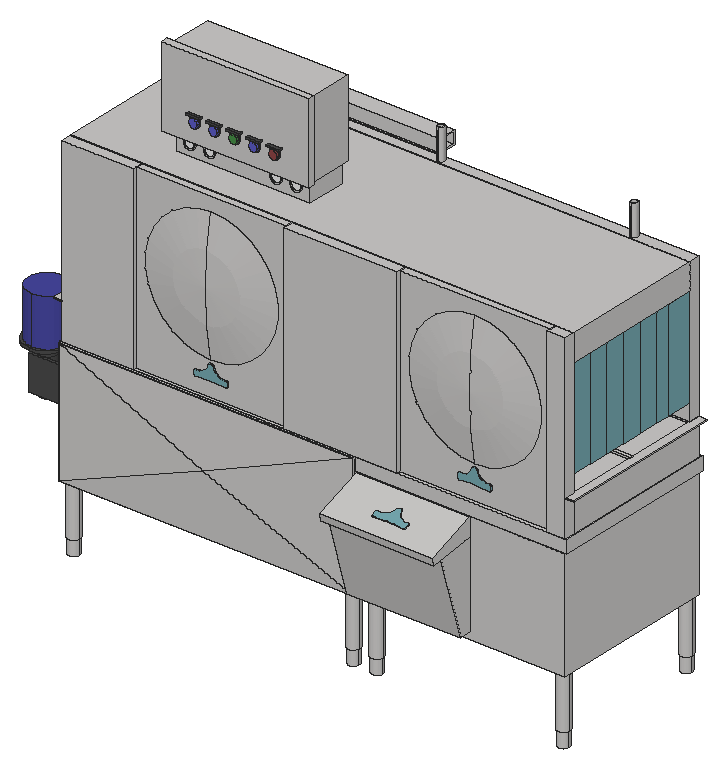
Revit family (continued)
Dimensions and locks (in)
  locked: Extrusion 31 sketch curve to plane 9 "Top of Machine" at 5.875
  locked: Extrusion 32 sketch curve to plane 9 "Top of Machine" at 5.875
  locked: Extrusion 33 sketch curve to plane 9 "Top of Machine" at 5.875
  locked: Extrusion 34 sketch curve to plane 10 "Panel Top" at 4.12493
  locked: plane 34 to plane 35 at 24.875
  locked: plane 35 to plane 6 "FRONT" at 0.0625
  plane 36 "Top of Vents" to plane 9 "Top of Machine" = 0' - 4"
  locked: Extrusion 35 sketch curve to plane 3 "BACK" at 0.75
  locked: plane 37 to plane 18 "Door Center" at 14.5
  locked: plane 37 to plane 38 at 29
  locked: plane 40 to plane 9 "Top of Machine" at 2
  locked: plane 39 to plane 3 "BACK" at 3
  Extrusion 38 sketch curve to plane 9 "Top of Machine" = 1' - 1"
  locked: plane 26 to Extrusion 38 sketch curve at 1
  locked: plane 41 to plane 3 "BACK" at 5
  locked: plane 42 to plane 9 "Top of Machine" at 29
  locked: plane 43 to plane 45 at 0.125
  locked: plane 46 to plane 44 at 3.875
  locked: plane 47 to level at 13.625
  locked: Extrusion 28 sketch curve to plane 18 "Door Center" at 1
  locked: plane 18 "Door Center" to Extrusion 33 sketch curve at 0.75
  locked: plane 18 "Door Center" to Extrusion 52 sketch curve at 6
  locked: plane 18 "Door Center" to Extrusion 29 sketch curve at 3
  locked: Extrusion 28 to Extrusion 30 sketch curve at 1
  locked: Extrusion 31 sketch curve to plane 18 "Door Center" at 3
  locked: Extrusion 32 sketch curve to plane 18 "Door Center" at 6
  locked: plane 48 to level at 8.5
  locked: plane 6 "FRONT" to plane 50 at 7
  locked: plane 53 to plane 51 at 0.125
  locked: plane 52 to plane 54 at 3.875
  "Width": plane 2 "LEFT" to plane 58 "RIGHT"
  plane 2 "LEFT" to Extrusion 39 sketch curve = 2' - 4"
  Extrusion 53 sketch curve to plane 58 "RIGHT" = 3' - 2"
  plane 2 "LEFT" to Extrusion 35 sketch curve = 0' - 9"
  Extrusion 54 sketch curve to plane 58 "RIGHT" = 0' - 9"
  locked: plane 61 to plane 58 "RIGHT" at 0.25
  locked: plane 58 "RIGHT" to plane 63 at 1.25
  "Single Door Opening": plane 55 to plane 56
  locked: plane 58 "RIGHT" to plane 62 at 0.25
  locked: plane 56 to plane 58 "RIGHT" at 2.6875
  locked: plane 15 "Right of Bottom" to plane 57 at 17
  locked: plane 3 "BACK" to plane 49 "Drain" at 3
  Extrusion 55 sketch curve to plane 58 "RIGHT" = 2' - 4 3/8"
  locked: plane 43 to plane 2 "LEFT" at 10
  locked: plane 45 to plane 46 at 2.9375
  locked: plane 54 to plane 53 at 2.9375
  locked: plane 58 "RIGHT" to plane 51 at 10
  equal spacing: plane 19, plane 18 "Door Center", plane 20
  locked: plane 57 to plane 58 "RIGHT" at 14.25
  locked: plane 19 to plane 66 at 0.25
  locked: plane 64 to plane 20 at 0.25
  locked: plane 55 to plane 67 at 0.25
  locked: plane 65 to plane 56 at 0.25
  locked: plane 69 to plane 18 "Door Center" at 0.0625
  locked: plane 18 "Door Center" to plane 70 at 0.0625
  locked: plane 68 to plane 18 "Door Center" at 1.4375
  locked: plane 18 "Door Center" to plane 71 at 1.4375
  locked: plane 55 to plane 72 at 1.4375
  aligned and locked: level to plane 1
  aligned and locked: Extrusion 1 sketch curve to plane 13
  aligned and locked: Extrusion 1 sketch curve to plane 14
  aligned and locked: plane 15 "Right of Bottom" to Extrusion 1 sketch curve
  aligned and locked: Extrusion 1 to plane 7 "Bottom of Machine"
  aligned and locked: plane 11 to Extrusion 1
  aligned and locked: plane 2 "LEFT" to Extrusion 2 sketch curve
  aligned and locked: Extrusion 2 sketch curve to plane 5 "Right of 44 Top"
  aligned and locked: plane 6 "FRONT" to Extrusion 2 sketch curve
  aligned and locked: plane 3 "BACK" to Extrusion 2 sketch curve
  aligned and locked: plane 10 "Panel Top" to Extrusion 2
  aligned and locked: Extrusion 2 to plane 11
  aligned and locked: plane 3 "BACK" to Extrusion 3 sketch curve
  aligned and locked: Extrusion 3 sketch curve to plane 17
  aligned and locked: Extrusion 3 to plane 10 "Panel Top"
  aligned and locked: plane 3 "BACK" to Extrusion 4 sketch curve
  aligned and locked: plane 16 to Extrusion 4 sketch curve
  aligned and locked: Extrusion 5 sketch curve to plane 17
  aligned and locked: Extrusion 5 sketch curve to plane 16
  aligned and locked: plane 3 "BACK" to Extrusion 6 sketch curve
  aligned and locked: plane 16 to Extrusion 6 sketch curve
  aligned: Extrusion 6 to plane 8 "Table Height"
  aligned: Extrusion 5 to plane 21 "Top of Opening"
  aligned and locked: Extrusion 7 sketch curve to plane 19
  aligned and locked: plane 10 "Panel Top" to Extrusion 7 sketch curve
  aligned and locked: Extrusion 7 to plane 17
  aligned and locked: Extrusion 7 sketch curve to plane 9 "Top of Machine"
  aligned and locked: plane 2 "LEFT" to Blend 8 sketch curve
  aligned and locked: plane 7 "Bottom of Machine" to Blend 8 sketch curve
  aligned and locked: Blend 8 sketch curve to plane 10 "Panel Top"
  aligned and locked: Blend 8 sketch curve to plane 5 "Right of 44 Top"
  aligned and locked: plane 6 "FRONT" to Extrusion 1 sketch curve
  aligned and locked: plane 2 "LEFT" to Extrusion 9 sketch curve
  aligned and locked: Extrusion 9 sketch curve to plane 6 "FRONT"
  aligned and locked: plane 12 to Extrusion 9 sketch curve
  aligned and locked: Extrusion 9 sketch curve to plane 5 "Right of 44 Top"
  aligned and locked: Extrusion 9 to plane 7 "Bottom of Machine"
  aligned and locked: plane 10 "Panel Top" to Extrusion 9
  aligned and locked: plane 20 to Extrusion 10 sketch curve
  aligned and locked: Extrusion 10 sketch curve to plane 9 "Top of Machine"
  aligned and locked: plane 10 "Panel Top" to Extrusion 10 sketch curve
  aligned and locked: Extrusion 10 to plane 17
  aligned and locked: Extrusion 11 sketch curve to plane 20
  aligned and locked: plane 17 to Extrusion 11 sketch curve
  aligned and locked: plane 19 to Extrusion 11 sketch curve
  aligned and locked: Extrusion 11 to plane 10 "Panel Top"
  aligned and locked: plane 22 to Extrusion 13
  aligned and locked: Extrusion 14 to plane 22
  aligned and locked: plane 7 "Bottom of Machine" to Extrusion 14
  aligned and locked: Extrusion 21 sketch curve to plane 28
  aligned and locked: plane 27 "Front of Lower Panel" to Extrusion 21 sketch curve
  aligned and locked: plane 23 to Extrusion 21 sketch curve
  aligned and locked: plane 24 to Extrusion 21 sketch curve
  aligned and locked: Extrusion 22 sketch curve to plane 30 "Back of Panel"
  aligned and locked: plane 29 to Extrusion 22 sketch curve
  aligned and locked: plane 32 to Extrusion 22 sketch curve
  aligned and locked: Extrusion 22 sketch curve to plane 33
  aligned and locked: Extrusion 23 sketch curve to plane 29
  aligned and locked: plane 31 "Front of Upper Panel" to Extrusion 23 sketch curve
  aligned and locked: plane 25 to Extrusion 23 sketch curve
  aligned and locked: Extrusion 23 sketch curve to plane 26
  aligned and locked: Extrusion 25 sketch curve to Extrusion 24  (x2)
  aligned and locked: Extrusion 27 sketch curve to Extrusion 26  (x2)
  aligned and locked: Extrusion 36 to plane 37
  aligned and locked: Extrusion 36 to plane 38
  aligned and locked: Extrusion 37 to plane 38
  aligned and locked: Extrusion 37 to plane 37
  aligned and locked: plane 3 "BACK" to curve 1
  aligned and locked: plane 6 "FRONT" to curve 2
  aligned and locked: plane 37 to curve 3
  aligned and locked: plane 38 to curve 5
  aligned and locked: curve 4 to plane 39
  aligned and locked: curve 6 to plane 30 "Back of Panel"
  aligned and locked: plane 29 to curve 8
  aligned and locked: plane 32 to curve 7
  aligned and locked: curve 9 to plane 33
  aligned and locked: plane 25 to curve 13
  aligned and locked: plane 31 "Front of Upper Panel" to curve 12
  aligned and locked: curve 11 to plane 26
  aligned and locked: curve 15 to plane 34
  aligned and locked: Extrusion 40 sketch curve to plane 13  (x2)
  aligned and locked: plane 41 to Extrusion 40 sketch curve
  aligned and locked: plane 38 to Extrusion 40 sketch curve
  aligned and locked: Extrusion 40 sketch curve to plane 39
  aligned and locked: plane 37 to Extrusion 40 sketch curve
  aligned: plane 36 "Top of Vents" to Extrusion 40
  aligned and locked: plane 4 "TOP" to Extrusion 40
  aligned and locked: plane 9 "Top of Machine" to Extrusion 41 sketch curve
  aligned and locked: Extrusion 41 sketch curve to plane 20
  aligned and locked: plane 19 to Extrusion 41 sketch curve
  aligned and locked: Extrusion 41 sketch curve to plane 42
  aligned and locked: Extrusion 41 to plane 17
  aligned and locked: curve 17 to plane 41
  aligned and locked: Extrusion 43 sketch curve to Extrusion 42  (x2)
  aligned and locked: Extrusion 45 sketch curve to Extrusion 44  (x2)
  aligned and locked: Extrusion 46 to plane 45
  aligned and locked: plane 45 to Extrusion 47
  aligned and locked: plane 46 to Extrusion 48 sketch curve
  aligned and locked: Extrusion 48 sketch curve to plane 44
  aligned and locked: curve 18 to plane 43
  aligned and locked: plane 46 to curve 20
  aligned and locked: plane 43 to Extrusion 49 sketch curve
  aligned and locked: plane 43 to curve 23
  aligned and locked: plane 6 "FRONT" to Extrusion 50 sketch curve
  aligned and locked: Extrusion 50 sketch curve to plane 13
  aligned: plane 10 "Panel Top" to Extrusion 50
  aligned and locked: Extrusion 56 sketch curve to Extrusion 55  (x2)
  aligned and locked: Extrusion 57 sketch curve to Extrusion 39  (x2)
  aligned and locked: Extrusion 59 to plane 53
  aligned and locked: plane 53 to Extrusion 58
  aligned and locked: Extrusion 60 sketch curve to plane 52
  aligned and locked: plane 54 to Extrusion 60 sketch curve
  aligned and locked: plane 52 to nested 2
  aligned and locked: plane 54 to nested 2
  aligned and locked: curve 28 to plane 51
  aligned and locked: curve 32 to plane 54
  aligned and locked: Extrusion 61 sketch curve to plane 51
  aligned and locked: curve 33 to plane 51
  aligned and locked: Extrusion 65 sketch curve to Extrusion 63
  aligned and locked: Blend 66 sketch curve to Extrusion 65  (x2)
  aligned and locked: Extrusion 75 sketch curve to Extrusion 73  (x2)
  aligned and locked: plane 2 "LEFT" to Extrusion 4 sketch curve  (x2)
  aligned and locked: plane 2 "LEFT" to Extrusion 3 sketch curve
  aligned and locked: Extrusion 85 sketch curve to plane 60
  aligned and locked: plane 2 "LEFT" to Extrusion 7 sketch curve
  aligned and locked: plane 55 to Extrusion 10 sketch curve
  aligned and locked: plane 62 to Extrusion 50 sketch curve
  aligned and locked: Extrusion 4 sketch curve to plane 58 "RIGHT"  (x2)
  aligned and locked: Extrusion 3 sketch curve to plane 58 "RIGHT"
  aligned and locked: Extrusion 6 sketch curve to plane 58 "RIGHT"
  aligned and locked: Extrusion 5 sketch curve to plane 58 "RIGHT"
  aligned and locked: Extrusion 83 to plane 57
  aligned and locked: Extrusion 82 to plane 57
  aligned and locked: plane 58 "RIGHT" to Extrusion 81 sketch curve
  aligned and locked: Extrusion 81 sketch curve to plane 7 "Bottom of Machine"
  aligned and locked: plane 17 to Extrusion 104 sketch curve
  aligned and locked: plane 6 "FRONT" to Extrusion 104 sketch curve
  aligned and locked: plane 66 to Extrusion 104 sketch curve
  aligned and locked: Extrusion 104 sketch curve to plane 69
  aligned and locked: plane 17 to Extrusion 105 sketch curve
  aligned and locked: plane 6 "FRONT" to Extrusion 105 sketch curve
  aligned and locked: plane 70 to Extrusion 105 sketch curve
  aligned and locked: Extrusion 105 sketch curve to plane 64
  aligned and locked: Extrusion 104 to plane 10 "Panel Top"
  aligned and locked: Extrusion 105 to plane 10 "Panel Top"
  aligned and locked: curve 56 to plane 19
  aligned and locked: curve 58 to plane 20
  aligned and locked: plane 67 to Extrusion 112
  aligned and locked: plane 67 to curve 63
  aligned and locked: plane 56 to curve 64
Automatic sketch dimensions
  Extrusion 83 sketch curve to Extrusion 83 sketch curve = 0' - 2 11/16"
  Extrusion 83 sketch curve to Extrusion 83 sketch curve = 0' - 1.04649"
  Extrusion 90 sketch curve to Extrusion 90 sketch curve = 0' - 1.63184"  (x2)
  Extrusion 90 sketch curve to Extrusion 90 sketch curve = 0' - 1.52338"
  Extrusion 90 sketch curve to Extrusion 90 sketch curve = 0' - 0.41934"
  Extrusion 90 sketch curve to Extrusion 90 sketch curve = 0' - 0.42496"
  Extrusion 90 sketch curve to Extrusion 90 sketch curve = 0' - 0"  (x2)
  Extrusion 90 sketch curve to Extrusion 90 sketch curve = 0' - 1.22253"
  Extrusion 90 sketch curve to Extrusion 90 sketch curve = 0' - 1.51845"
  Extrusion 90 sketch curve to Extrusion 90 sketch curve = 0' - 0.00341"
  Extrusion 90 sketch curve to Extrusion 90 sketch curve = 0' - 0.25142"  (x2)
  Extrusion 90 sketch curve to Extrusion 90 sketch curve = 0' - 0.34808"
  Extrusion 90 sketch curve to Extrusion 90 sketch curve = 0' - 0.48493"  (x2)
  Extrusion 90 sketch curve to Extrusion 90 sketch curve = 0' - 0.08323"
  Extrusion 90 sketch curve to Extrusion 90 sketch curve = 0' - 11.98442"
  Extrusion 82 sketch curve to Extrusion 82 sketch curve = 0' - 3.69119"
  Extrusion 82 sketch curve to Extrusion 82 sketch curve = 0' - 5.50369"
  Extrusion 82 sketch curve to Extrusion 82 sketch curve = 0' - 0.73915"
  Extrusion 82 sketch curve to Extrusion 82 sketch curve = 1' - 0 13/16"
  Extrusion 83 sketch curve to Extrusion 83 sketch curve = 0' - 0.24812"
  Extrusion 83 sketch curve to Extrusion 83 sketch curve = 0' - 6.75188"
  Extrusion 83 sketch curve to Extrusion 83 sketch curve = 0' - 0.13971"
  Extrusion 90 sketch curve to Extrusion 90 sketch curve = 0' - 0.25483"
  Extrusion 90 sketch curve to Extrusion 90 sketch curve = 0' - 0.30345"
  Extrusion 90 sketch curve to Extrusion 90 sketch curve = 0' - 0.61126"
  Extrusion 102 sketch curve to Extrusion 102 sketch curve = 0' - 2 11/16"
  Extrusion 102 sketch curve to Extrusion 102 sketch curve = 0' - 1.04649"
  Extrusion 103 sketch curve to Extrusion 103 sketch curve = 0' - 1.63184"  (x2)
  Extrusion 103 sketch curve to Extrusion 103 sketch curve = 0' - 1.52338"
  Extrusion 103 sketch curve to Extrusion 103 sketch curve = 0' - 0.41934"
  Extrusion 103 sketch curve to Extrusion 103 sketch curve = 0' - 0.42496"
  Extrusion 103 sketch curve to Extrusion 103 sketch curve = 0' - 0"  (x2)
  Extrusion 103 sketch curve to Extrusion 103 sketch curve = 0' - 1.22253"
  Extrusion 103 sketch curve to Extrusion 103 sketch curve = 0' - 1.51845"
  Extrusion 103 sketch curve to Extrusion 103 sketch curve = 0' - 0.00341"
  Extrusion 103 sketch curve to Extrusion 103 sketch curve = 0' - 0.25142"  (x2)
  Extrusion 103 sketch curve to Extrusion 103 sketch curve = 0' - 0.34808"
  Extrusion 103 sketch curve to Extrusion 103 sketch curve = 0' - 0.48493"  (x2)
  Extrusion 103 sketch curve to Extrusion 103 sketch curve = 0' - 0.08323"
  Extrusion 103 sketch curve to Extrusion 103 sketch curve = 0' - 11.98442"
  Extrusion 101 sketch curve to Extrusion 101 sketch curve = 0' - 3.69119"
  Extrusion 101 sketch curve to Extrusion 101 sketch curve = 0' - 5.50369"
  Extrusion 101 sketch curve to Extrusion 101 sketch curve = 0' - 0.73915"
  Extrusion 101 sketch curve to Extrusion 101 sketch curve = 1' - 0 13/16"
  Extrusion 102 sketch curve to Extrusion 102 sketch curve = 0' - 0.24812"
  Extrusion 102 sketch curve to Extrusion 102 sketch curve = 0' - 6.75188"
  Extrusion 102 sketch curve to Extrusion 102 sketch curve = 0' - 0.13971"
  Extrusion 103 sketch curve to Extrusion 103 sketch curve = 0' - 0.25483"
  Extrusion 103 sketch curve to Extrusion 103 sketch curve = 0' - 0.30345"
  Extrusion 103 sketch curve to Extrusion 103 sketch curve = 0' - 0.61126"
  curve 24 to plane 60 = 0' - 0"
  curve 35 to plane 6 "FRONT" = 0' - 0"
  curve 35 to plane 60 = 0' - 0"
  curve 47 to plane 19 = 0' - 0"
  plane 17 to curve 46 = 0' - 0"
  curve 46 to plane 20 = 0' - 0"
  plane 17 to curve 38 = 0' - 0"
  curve 38 to plane 55 = 0' - 0"
  curve 41 to plane 15 "Right of Bottom" = 0' - 0"
  curve 43 to plane 50 = 0' - 0"
  curve 43 to plane 57 = 0' - 0"
  curve 39 to plane 56 = 0' - 0"
  curve 34 to plane 63 = 0' - 0"
  curve 36 to plane 6 "FRONT" = 0' - 0"
  curve 36 to plane 63 = 0' - 0"
  curve 46 to plane 6 "FRONT" = 0' - 0"
  curve 44 to plane 6 "FRONT" = 0' - 0"
  curve 43 to plane 6 "FRONT" = 0' - 0"
  curve 37 to plane 6 "FRONT" = 0' - 0"
  curve 39 to plane 6 "FRONT" = 0' - 0"
  curve 41 to plane 6 "FRONT" = 0' - 0"
  plane 3 "BACK" to curve 35 = 0' - 0"
  plane 3 "BACK" to curve 36 = 0' - 0"
  curve 23 to plane 13 = 0' - 0"
  curve 33 to plane 13 = 0' - 0"
  plane 71 to curve 17 = 0' - 0 5/16"
  plane 35 to curve 47 = 0' - 0 7/16"
  plane 35 to curve 40 = 0' - 0 7/16"
  Extrusion 4 sketch curve to plane 58 "RIGHT" = 0' - 0"
  plane 28 to Extrusion 4 sketch curve = 0' - 0 1/4"
  Extrusion 4 sketch curve to plane 28 = 0' - 0 1/4"
  Extrusion 5 sketch curve to plane 2 "LEFT" = 0' - 0"
  Extrusion 6 sketch curve to plane 2 "LEFT" = 0' - 0"
  plane 47 to Blend 8 sketch curve = 0' - 5 19/32"
  Blend 8 sketch curve to Blend 8 sketch curve = 0' - 0 1/16"
  Revolve 12 sketch curve to plane 12 = 0' - 0"
  Revolve 12 sketch curve to plane 50 = 0' - 4 1/4"
  plane 35 to Revolve 12 sketch curve = 0' - 0 7/16"
  plane 27 "Front of Lower Panel" to Revolve 12 sketch curve = 0' - 2 3/4"
  Revolve 12 sketch curve to plane 21 "Top of Opening" = 0' - 7.74993"
  plane 41 to Revolve 12 sketch curve = 1' - 5.49935"
  Revolve 12 sketch curve to plane 21 "Top of Opening" = 0' - 8"  (x2)
  Extrusion 24 sketch curve to Extrusion 24 sketch curve = 0' - 0"  (x2)
  Extrusion 26 sketch curve to Extrusion 26 sketch curve = 0' - 0"  (x2)
  plane 71 to Extrusion 28 sketch curve = 0' - 0 9/16"
  Extrusion 28 sketch curve to Extrusion 28 sketch curve = 0' - 2"  (x4)
  Extrusion 28 sketch curve to Extrusion 28 sketch curve = 0' - 1"  (x2)
  plane 68 to Extrusion 28 sketch curve = 0' - 0 7/16"
  Extrusion 28 sketch curve to plane 68 = 0' - 0 9/16"
  plane 36 "Top of Vents" to Extrusion 28 sketch curve = 0' - 2 3/4"  (x3)
  Extrusion 28 sketch curve to Extrusion 28 sketch curve = 0' - 0"  (x2)
  Extrusion 28 sketch curve to Extrusion 28 sketch curve = 0' - 0 1/4"  (x5)
  Extrusion 33 sketch curve to plane 18 "Door Center" = 0' - 0"
  plane 71 to Extrusion 33 sketch curve = 0' - 0 13/16"
  Extrusion 33 sketch curve to Extrusion 33 sketch curve = 0' - 0 3/4"  (x4)
  Extrusion 33 sketch curve to Extrusion 33 sketch curve = 0' - 1 1/2"  (x2)
  Extrusion 33 sketch curve to plane 68 = 0' - 0 13/16"
  Extrusion 33 sketch curve to Extrusion 33 sketch curve = 0' - 0"
  plane 36 "Top of Vents" to Extrusion 33 sketch curve = 0' - 1 7/8"  (x3)
  Extrusion 33 sketch curve to Extrusion 33 sketch curve = 0' - 0 7/8"  (x5)
  Extrusion 34 sketch curve to plane 18 "Door Center" = 0' - 0"
  plane 18 "Door Center" to Extrusion 34 sketch curve = 0' - 0.00035"
  plane 70 to Extrusion 34 sketch curve = 0' - 0.35719"
  plane 70 to Extrusion 34 sketch curve = 0' - 0.54876"
  plane 71 to Extrusion 34 sketch curve = 0' - 0.50556"
  plane 71 to Extrusion 34 sketch curve = 0' - 0.8056"
  Extrusion 34 sketch curve to Extrusion 34 sketch curve = 0' - 0.00341"  (x2)
  Extrusion 34 sketch curve to Extrusion 34 sketch curve = 0' - 0.25142"  (x2)
  Extrusion 34 sketch curve to plane 18 "Door Center" = 0' - 0.42461"
  Extrusion 34 sketch curve to Extrusion 34 sketch curve = 0' - 0"
  Extrusion 34 sketch curve to plane 69 = 0' - 0.54876"
  Extrusion 34 sketch curve to plane 68 = 0' - 0.50556"
  Extrusion 34 sketch curve to plane 68 = 0' - 0.8056"
  Extrusion 34 sketch curve to plane 8 "Table Height" = 0' - 2.43574"  (x2)
  Extrusion 34 sketch curve to Extrusion 34 sketch curve = 0' - 0.48493"  (x2)
  Extrusion 34 sketch curve to Extrusion 34 sketch curve = 0' - 0.08323"
  plane 47 to Extrusion 34 sketch curve = 0' - 5.0469"
  Extrusion 35 sketch curve to Extrusion 35 sketch curve = 0' - 0"  (x2)
  Extrusion 36 sketch curve to plane 40 = 0' - 0"
  Extrusion 36 sketch curve to plane 9 "Top of Machine" = 0' - 0"
  Extrusion 36 sketch curve to plane 39 = 0' - 0"
  Extrusion 36 sketch curve to plane 39 = 0' - 0 1/8"
  Extrusion 36 sketch curve to plane 13 = 0' - 0 1/8"
  Extrusion 36 sketch curve to Extrusion 36 sketch curve = 0' - 0 1/8"
  plane 9 "Top of Machine" to Extrusion 36 sketch curve = 0' - 0 1/8"
  Extrusion 36 sketch curve to plane 40 = 0' - 0 1/8"
  Extrusion 37 sketch curve to plane 3 "BACK" = 0' - 0"
  Extrusion 37 sketch curve to plane 9 "Top of Machine" = 0' - 0"
  Extrusion 37 sketch curve to plane 3 "BACK" = 0' - 0 1/4"
  Extrusion 37 sketch curve to Extrusion 37 sketch curve = 0' - 0 1/8"
  Extrusion 39 sketch curve to Extrusion 39 sketch curve = 0' - 0"  (x2)
  Extrusion 39 sketch curve to plane 49 "Drain" = 0' - 0"
  curve 26 to plane 6 "FRONT" = 0' - 0"
  curve 29 to plane 6 "FRONT" = 0' - 0"
  curve 31 to plane 35 = 0' - 0"
  curve 21 to plane 35 = 0' - 0"
  curve 20 to plane 34 = 0' - 0"
  plane 3 "BACK" to curve 25 = 0' - 0"
  plane 3 "BACK" to curve 27 = 0' - 0"
  curve 31 to plane 52 = 0' - 0"
  curve 2 to plane 63 = 0' - 0"
  curve 1 to plane 63 = 0' - 0"
  curve 27 to plane 58 "RIGHT" = 0' - 0"
  curve 29 to plane 58 "RIGHT" = 0' - 0"
  curve 19 to plane 2 "LEFT" = 0' - 0"
  curve 26 to plane 2 "LEFT" = 0' - 0"
  curve 25 to plane 2 "LEFT" = 0' - 0"
  curve 2 to plane 60 = 0' - 0"
  curve 1 to plane 60 = 0' - 0"
  Extrusion 40 sketch curve to plane 60 = 0' - 0"
  Extrusion 40 sketch curve to plane 63 = 0' - 0"
  Extrusion 42 sketch curve to Extrusion 42 sketch curve = 0' - 0"  (x2)
  Extrusion 42 sketch curve to plane 40 = 0' - 0 1/4"
  Extrusion 42 sketch curve to plane 68 = 0' - 3 9/16"
  Extrusion 44 sketch curve to Extrusion 44 sketch curve = 0' - 0"  (x2)
  plane 40 to Extrusion 44 sketch curve = 0' - 0 1/4"
  Extrusion 44 sketch curve to plane 71 = 0' - 3 9/16"
  Extrusion 46 sketch curve to plane 6 "FRONT" = 0' - 0"
  Extrusion 46 sketch curve to plane 17 = 0' - 0"
  Extrusion 46 sketch curve to plane 16 = 0' - 0"
  Extrusion 46 sketch curve to plane 3 "BACK" = 0' - 0"
  Extrusion 46 sketch curve to plane 9 "Top of Machine" = 0' - 0"
  plane 35 to Extrusion 46 sketch curve = 0' - 0 1/16"
  Extrusion 46 sketch curve to plane 34 = 0' - 0 1/16"
  Extrusion 46 sketch curve to plane 9 "Top of Machine" = 0' - 0 1/8"
  Extrusion 46 sketch curve to plane 21 "Top of Opening" = 0' - 0.88572"
  Extrusion 46 sketch curve to Extrusion 46 sketch curve = 0' - 0.05178"  (x2)
  Extrusion 46 sketch curve to Extrusion 46 sketch curve = 0' - 1 1/2"  (x2)
  Extrusion 46 sketch curve to Extrusion 46 sketch curve = 0' - 0.17678"  (x2)
  plane 8 "Table Height" to Extrusion 46 sketch curve = 0' - 5.17678"
  Extrusion 47 sketch curve to plane 6 "FRONT" = 0' - 0"
  Extrusion 47 sketch curve to plane 17 = 0' - 0"
  Extrusion 47 sketch curve to plane 16 = 0' - 0"
  Extrusion 47 sketch curve to plane 3 "BACK" = 0' - 0"
  Extrusion 47 sketch curve to plane 21 "Top of Opening" = 0' - 0"
  Extrusion 47 sketch curve to plane 9 "Top of Machine" = 0' - 0"
  Extrusion 47 sketch curve to plane 21 "Top of Opening" = 0' - 0 15/16"
  Extrusion 47 sketch curve to Extrusion 47 sketch curve = 0' - 1 5/8"  (x2)
  plane 8 "Table Height" to Extrusion 47 sketch curve = 0' - 5 1/8"
  Extrusion 48 sketch curve to plane 35 = 0' - 0"
  Extrusion 48 sketch curve to plane 34 = 0' - 0"
  plane 35 to Extrusion 48 sketch curve = 0' - 0 1/8"
  Extrusion 48 sketch curve to plane 34 = 0' - 0 1/8"
  Extrusion 48 sketch curve to plane 44 = 0' - 0 1/8"
  plane 46 to Extrusion 48 sketch curve = 0' - 0 1/8"
  Extrusion 49 sketch curve to plane 13 = 0' - 0"
  Extrusion 49 sketch curve to plane 60 = 0' - 0"
  Extrusion 49 sketch curve to plane 41 = 0' - 0"
  Extrusion 50 sketch curve to plane 14 = 0' - 0"
  Extrusion 51 sketch curve to plane 2 "LEFT" = 0' - 0"  (x7)
  plane 17 to Extrusion 51 sketch curve = 0' - 0"
  Extrusion 51 sketch curve to plane 16 = 0' - 0"
  plane 31 "Front of Upper Panel" to Extrusion 51 sketch curve = 0' - 0 3/8"
  Extrusion 51 sketch curve to Extrusion 51 sketch curve = 0' - 0 1/8"  (x7)
  Extrusion 51 sketch curve to plane 27 "Front of Lower Panel" = 0' - 1 1/4"
  plane 28 to Extrusion 51 sketch curve = 0' - 1 5/8"
  Extrusion 51 sketch curve to plane 2 "LEFT" = 0' - 0 1/8"  (x6)
  Extrusion 51 sketch curve to plane 30 "Back of Panel" = 0' - 1"
  Extrusion 51 sketch curve to Extrusion 51 sketch curve = 0' - 3"
  Extrusion 51 sketch curve to Extrusion 51 sketch curve = 0' - 2"
  plane 36 "Top of Vents" to Extrusion 52 sketch curve = 0' - 1 7/8"
  Extrusion 53 sketch curve to Extrusion 53 sketch curve = 0' - 0"  (x2)
  Extrusion 53 sketch curve to plane 34 = 0' - 0 11/16"
  Extrusion 54 sketch curve to Extrusion 54 sketch curve = 0' - 0"  (x2)
  Extrusion 54 sketch curve to plane 34 = 0' - 0 11/16"
  Extrusion 55 sketch curve to Extrusion 55 sketch curve = 0' - 0"  (x2)
  Extrusion 55 sketch curve to plane 49 "Drain" = 0' - 0"
  Extrusion 58 sketch curve to plane 3 "BACK" = 0' - 0"
  Extrusion 58 sketch curve to plane 16 = 0' - 0"
  Extrusion 58 sketch curve to plane 17 = 0' - 0"
  Extrusion 58 sketch curve to plane 6 "FRONT" = 0' - 0"
  Extrusion 58 sketch curve to plane 9 "Top of Machine" = 0' - 0"
  Extrusion 58 sketch curve to plane 34 = 0' - 0 1/16"
  plane 35 to Extrusion 58 sketch curve = 0' - 0 1/16"
  Extrusion 58 sketch curve to plane 9 "Top of Machine" = 0' - 0 1/8"
  Extrusion 58 sketch curve to plane 21 "Top of Opening" = 0' - 0.88572"
  Extrusion 58 sketch curve to Extrusion 58 sketch curve = 0' - 0.05178"  (x2)
  Extrusion 58 sketch curve to Extrusion 58 sketch curve = 0' - 1 1/2"  (x2)
  Extrusion 58 sketch curve to Extrusion 58 sketch curve = 0' - 0.17678"  (x2)
  plane 8 "Table Height" to Extrusion 58 sketch curve = 0' - 5.17678"
  Extrusion 59 sketch curve to plane 6 "FRONT" = 0' - 0"
  Extrusion 59 sketch curve to plane 17 = 0' - 0"
  Extrusion 59 sketch curve to plane 16 = 0' - 0"
  Extrusion 59 sketch curve to plane 3 "BACK" = 0' - 0"
  Extrusion 59 sketch curve to plane 21 "Top of Opening" = 0' - 0"
  Extrusion 59 sketch curve to plane 9 "Top of Machine" = 0' - 0"
  Extrusion 59 sketch curve to plane 21 "Top of Opening" = 0' - 0 15/16"
  Extrusion 59 sketch curve to Extrusion 59 sketch curve = 0' - 1 5/8"  (x2)
  plane 8 "Table Height" to Extrusion 59 sketch curve = 0' - 5 1/8"
  Extrusion 60 sketch curve to plane 35 = 0' - 0"
  Extrusion 60 sketch curve to plane 34 = 0' - 0"
  Extrusion 60 sketch curve to plane 35 = 0' - 0 1/8"
  plane 34 to Extrusion 60 sketch curve = 0' - 0 1/8"
  Extrusion 60 sketch curve to plane 52 = 0' - 0 1/8"
  plane 54 to Extrusion 60 sketch curve = 0' - 0 1/8"
  Extrusion 61 sketch curve to plane 13 = 0' - 0"
  Extrusion 61 sketch curve to plane 63 = 0' - 0"
  Extrusion 61 sketch curve to plane 41 = 0' - 0"
  plane 14 to Extrusion 62 sketch curve = 0' - 0"
  Extrusion 62 sketch curve to plane 2 "LEFT" = 0' - 0"
  Extrusion 62 sketch curve to plane 11 = 0' - 0"
  Extrusion 62 sketch curve to plane 60 = 0' - 0 1/8"
  Extrusion 62 sketch curve to plane 10 "Panel Top" = 0' - 4 9/16"
  plane 7 "Bottom of Machine" to Extrusion 62 sketch curve = 0' - 0 15/16"
  Extrusion 63 sketch curve to plane 46 = 0' - 0 11/16"
  Extrusion 63 sketch curve to plane 17 = 0' - 1 5/8"
  Extrusion 63 sketch curve to plane 31 "Front of Upper Panel" = 0' - 1 1/2"
  Extrusion 63 sketch curve to plane 31 "Front of Upper Panel" = 0' - 0 3/16"
  Extrusion 63 sketch curve to plane 27 "Front of Lower Panel" = 0' - 0 1/8"
  plane 46 to Extrusion 63 sketch curve = 0' - 0 15/16"
  Extrusion 63 sketch curve to Extrusion 63 sketch curve = 0' - 0"
  Extrusion 63 sketch curve to plane 60 = 0' - 0 3/8"
  Extrusion 63 sketch curve to plane 60 = 0' - 0 1/8"
  Extrusion 64 sketch curve to plane 31 "Front of Upper Panel" = 0' - 0 3/16"
  plane 46 to Extrusion 64 sketch curve = 0' - 0 15/16"
  Blend 66 sketch curve to plane 31 "Front of Upper Panel" = 0' - 0 3/16"
  plane 46 to Blend 66 sketch curve = 0' - 0 15/16"
  Extrusion 67 sketch curve to plane 31 "Front of Upper Panel" = 0' - 0 3/16"
  plane 46 to Extrusion 67 sketch curve = 0' - 0 15/16"
  Extrusion 68 sketch curve to plane 31 "Front of Upper Panel" = 0' - 0 3/16"
  plane 46 to Extrusion 68 sketch curve = 0' - 0 15/16"
  Extrusion 69 sketch curve to plane 2 "LEFT" = 0' - 0"
  Extrusion 69 sketch curve to plane 44 = 0' - 0 15/16"
  Extrusion 69 sketch curve to Extrusion 69 sketch curve = 0' - 1 1/4"
  Extrusion 69 sketch curve to plane 8 "Table Height" = 0' - 0 13/16"
  Extrusion 69 sketch curve to Extrusion 69 sketch curve = 0' - 0 3/4"
  Extrusion 69 sketch curve to Extrusion 69 sketch curve = 0' - 1 1/2"
  Extrusion 70 sketch curve to plane 11 = 0' - 0"
  plane 14 to Extrusion 70 sketch curve = 0' - 0"
  Extrusion 70 sketch curve to plane 2 "LEFT" = 0' - 0"
  plane 44 to Extrusion 70 sketch curve = 0' - 0 9/16"
  plane 11 to Extrusion 70 sketch curve = 0' - 0 7/16"
  Extrusion 70 sketch curve to plane 48 = 0' - 0 1/16"
  Extrusion 71 sketch curve to Extrusion 71 sketch curve = 0' - 0"  (x2)
  plane 7 "Bottom of Machine" to Extrusion 71 sketch curve = 0' - 0 7/16"
  Extrusion 71 sketch curve to plane 44 = 0' - 0 15/16"
  Extrusion 71 sketch curve to plane 44 = 0' - 0 5/16"  (x2)
  plane 44 to Extrusion 71 sketch curve = 0' - 0 1/16"  (x2)
  Extrusion 71 sketch curve to Extrusion 71 sketch curve = 0' - 0 1/4"  (x2)
  plane 11 to Extrusion 71 sketch curve = 0' - 0 1/8"
  plane 44 to Extrusion 71 sketch curve = 0' - 0 5/16"
  Extrusion 71 sketch curve to plane 11 = 0' - 0 7/16"
  Extrusion 71 sketch curve to Extrusion 71 sketch curve = 0' - 0 5/16"
  Extrusion 72 sketch curve to Extrusion 72 sketch curve = 0' - 0"  (x2)
  plane 7 "Bottom of Machine" to Extrusion 72 sketch curve = 0' - 0 7/16"
  Extrusion 72 sketch curve to plane 44 = 0' - 0 15/16"
  Extrusion 72 sketch curve to plane 44 = 0' - 0 5/16"  (x2)
  plane 44 to Extrusion 72 sketch curve = 0' - 0 1/16"  (x2)
  Extrusion 72 sketch curve to Extrusion 72 sketch curve = 0' - 0 1/4"  (x2)
  plane 11 to Extrusion 72 sketch curve = 0' - 0 1/8"
  plane 44 to Extrusion 72 sketch curve = 0' - 0 5/16"
  Extrusion 72 sketch curve to plane 11 = 0' - 0 7/16"
  Extrusion 72 sketch curve to Extrusion 72 sketch curve = 0' - 0 5/16"
  Extrusion 73 sketch curve to Extrusion 73 sketch curve = 0' - 0"  (x6)
  plane 10 "Panel Top" to Extrusion 73 sketch curve = 0' - 0 3/16"
  plane 46 to Extrusion 73 sketch curve = 0' - 1 1/2"
  Extrusion 73 sketch curve to plane 44 = 0' - 1.67562"
  Extrusion 73 sketch curve to Extrusion 73 sketch curve = 0' - 0.36312"
  Extrusion 73 sketch curve to Extrusion 73 sketch curve = 0' - 0 3/8"
  Extrusion 73 sketch curve to plane 44 = 0' - 0.19938"
  plane 44 to Extrusion 73 sketch curve = 0' - 0 1/2"
  Extrusion 73 sketch curve to plane 8 "Table Height" = 0' - 1 9/16"
  Extrusion 73 sketch curve to Extrusion 73 sketch curve = 0' - 0.13295"
  Extrusion 74 sketch curve to Extrusion 74 sketch curve = 0' - 0"  (x6)
  plane 10 "Panel Top" to Extrusion 74 sketch curve = 0' - 0 3/16"
  plane 46 to Extrusion 74 sketch curve = 0' - 1 1/2"
  Extrusion 74 sketch curve to plane 44 = 0' - 1.67562"
  Extrusion 74 sketch curve to Extrusion 74 sketch curve = 0' - 0.36312"
  Extrusion 74 sketch curve to Extrusion 74 sketch curve = 0' - 0 3/8"
  Extrusion 74 sketch curve to plane 44 = 0' - 0.19938"
  plane 44 to Extrusion 74 sketch curve = 0' - 0 1/2"
  Extrusion 74 sketch curve to plane 8 "Table Height" = 0' - 1 9/16"
  Extrusion 74 sketch curve to Extrusion 74 sketch curve = 0' - 0.13295"
  Blend 76 sketch curve to plane 60 = 0' - 0 5/16"
  Blend 76 sketch curve to plane 28 = 0' - 2 1/4"
  plane 30 "Back of Panel" to Blend 76 sketch curve = 0' - 1 3/4"
  plane 46 to Blend 76 sketch curve = 0' - 0 1/2"
  plane 44 to Blend 76 sketch curve = 0' - 0 1/2"
  Blend 76 sketch curve to plane 28 = 0' - 1 1/4"
  plane 30 "Back of Panel" to Blend 76 sketch curve = 0' - 0 3/4"
  plane 46 to Blend 76 sketch curve = 0' - 1 1/2"
  Blend 77 sketch curve to plane 46 = 0' - 0 1/4"
  plane 27 "Front of Lower Panel" to Blend 77 sketch curve = 0' - 3"
  plane 30 "Back of Panel" to Blend 77 sketch curve = 0' - 2 1/2"
  plane 60 to Blend 77 sketch curve = 0' - 0 7/16"
  Blend 77 sketch curve to plane 60 = 0' - 0 9/16"
  Blend 77 sketch curve to plane 28 = 0' - 2"
  plane 30 "Back of Panel" to Blend 77 sketch curve = 0' - 1 1/2"
  plane 46 to Blend 77 sketch curve = 0' - 0 3/4"
  Extrusion 78 sketch curve to Extrusion 78 sketch curve = 0' - 0"  (x2)
  plane 7 "Bottom of Machine" to Extrusion 78 sketch curve = 0' - 0 7/16"
  Extrusion 78 sketch curve to plane 44 = 0' - 1 7/16"
  Extrusion 78 sketch curve to Extrusion 78 sketch curve = 0' - 0 1/2"
  Extrusion 79 sketch curve to plane 56 = 0' - 0"
  Extrusion 79 sketch curve to plane 55 = 0' - 0"
  plane 17 to Extrusion 79 sketch curve = 0' - 0"
  Extrusion 79 sketch curve to plane 35 = 0' - 0 7/16"
  Extrusion 80 sketch curve to plane 42 = 0' - 0"
  plane 55 to Extrusion 80 sketch curve = 0' - 0"
  Extrusion 80 sketch curve to plane 9 "Top of Machine" = 0' - 0"
  plane 56 to Extrusion 80 sketch curve = 0' - 0"
  plane 15 "Right of Bottom" to Extrusion 81 sketch curve = 0' - 0"
  plane 10 "Panel Top" to Extrusion 81 sketch curve = 0' - 2"
  Extrusion 84 sketch curve to plane 9 "Top of Machine" = 0' - 0"
  plane 56 to Extrusion 84 sketch curve = 0' - 0"
  Extrusion 84 sketch curve to plane 10 "Panel Top" = 0' - 0"
  Extrusion 84 sketch curve to plane 58 "RIGHT" = 0' - 0"
  Extrusion 85 sketch curve to plane 2 "LEFT" = 0' - 0"
  Extrusion 85 sketch curve to plane 6 "FRONT" = 0' - 0"
  plane 3 "BACK" to Extrusion 85 sketch curve = 0' - 0"
  Extrusion 86 sketch curve to plane 6 "FRONT" = 0' - 0"
  plane 3 "BACK" to Extrusion 86 sketch curve = 0' - 0"
  Extrusion 86 sketch curve to plane 63 = 0' - 0"
  Extrusion 86 sketch curve to plane 58 "RIGHT" = 0' - 0"
  plane 17 to Extrusion 87 sketch curve = 0' - 0"
  Extrusion 87 sketch curve to plane 58 "RIGHT" = 0' - 0"  (x7)
  Extrusion 87 sketch curve to plane 16 = 0' - 0"
  Extrusion 87 sketch curve to plane 31 "Front of Upper Panel" = 0' - 0 3/8"
  Extrusion 87 sketch curve to Extrusion 87 sketch curve = 0' - 0 1/8"  (x6)
  plane 27 "Front of Lower Panel" to Extrusion 87 sketch curve = 0' - 1 1/4"
  Extrusion 87 sketch curve to plane 28 = 0' - 1 5/8"
  Extrusion 87 sketch curve to plane 58 "RIGHT" = 0' - 0 1/8"  (x7)
  plane 30 "Back of Panel" to Extrusion 87 sketch curve = 0' - 1"
  Extrusion 87 sketch curve to Extrusion 87 sketch curve = 0' - 3"
  Extrusion 87 sketch curve to Extrusion 87 sketch curve = 0' - 2"
  plane 35 to Extrusion 88 sketch curve = 0' - 0 1/8"
  Extrusion 88 sketch curve to plane 34 = 0' - 0 1/8"
  Extrusion 88 sketch curve to plane 44 = 0' - 0 1/8"
  plane 46 to Extrusion 88 sketch curve = 0' - 0 1/8"
  plane 35 to Extrusion 89 sketch curve = 0' - 0 1/8"
  Extrusion 89 sketch curve to plane 34 = 0' - 0 1/8"
  Extrusion 89 sketch curve to plane 54 = 0' - 0 1/8"
  plane 52 to Extrusion 89 sketch curve = 0' - 0 1/8"
  Extrusion 91 sketch curve to plane 16 = 0' - 0 5/8"
  plane 15 "Right of Bottom" to Extrusion 91 sketch curve = 0' - 2 1/4"
  Extrusion 92 sketch curve to plane 16 = 0' - 0 5/8"
  plane 15 "Right of Bottom" to Extrusion 92 sketch curve = 0' - 2 1/4"
  plane 17 to Extrusion 93 sketch curve = 0' - 0 5/8"
  Extrusion 93 sketch curve to plane 15 "Right of Bottom" = 0' - 2 1/4"
  plane 17 to Extrusion 94 sketch curve = 0' - 0 5/8"
  Extrusion 94 sketch curve to plane 15 "Right of Bottom" = 0' - 2 1/4"
  Extrusion 95 sketch curve to plane 61 = 0' - 0 3/4"
  Extrusion 95 sketch curve to plane 16 = 0' - 0 5/8"
  Extrusion 96 sketch curve to plane 61 = 0' - 0 3/4"
  Extrusion 96 sketch curve to plane 16 = 0' - 0 5/8"
  plane 61 to Extrusion 97 sketch curve = 0' - 0 3/4"
  plane 17 to Extrusion 97 sketch curve = 0' - 0 5/8"
  plane 61 to Extrusion 98 sketch curve = 0' - 0 3/4"
  plane 17 to Extrusion 98 sketch curve = 0' - 0 5/8"
  Revolve 99 sketch curve to plane 12 = 0' - 0"
  Revolve 99 sketch curve to plane 50 = 0' - 4 1/4"
  plane 35 to Revolve 99 sketch curve = 0' - 0 7/16"
  plane 27 "Front of Lower Panel" to Revolve 99 sketch curve = 0' - 2 3/4"
  Revolve 99 sketch curve to plane 21 "Top of Opening" = 0' - 7.74993"
  plane 41 to Revolve 99 sketch curve = 1' - 5.49935"
  Revolve 99 sketch curve to plane 21 "Top of Opening" = 0' - 8"  (x2)
  Extrusion 100 sketch curve to plane 57 = 0' - 2.81043"
  Extrusion 100 sketch curve to Extrusion 100 sketch curve = 0' - 0.25142"  (x2)
  Extrusion 100 sketch curve to Extrusion 100 sketch curve = 0' - 0.25483"
  Extrusion 100 sketch curve to Extrusion 100 sketch curve = 0' - 0.30345"
  Extrusion 100 sketch curve to plane 57 = 0' - 0.92376"
  Extrusion 100 sketch curve to plane 57 = 0' - 0.73219"
  Extrusion 100 sketch curve to plane 57 = 0' - 0.31285"
  Extrusion 100 sketch curve to plane 57 = 0' - 0 5/16"
  plane 57 to Extrusion 100 sketch curve = 0' - 0.11211"
  Extrusion 100 sketch curve to Extrusion 100 sketch curve = 0' - 0"
  plane 57 to Extrusion 100 sketch curve = 0' - 0.29876"
  Extrusion 100 sketch curve to Extrusion 100 sketch curve = 0' - 1.51845"
  Extrusion 100 sketch curve to Extrusion 100 sketch curve = 0' - 1.63184"
  Extrusion 100 sketch curve to Extrusion 100 sketch curve = 0' - 0.00341"
  plane 47 to Extrusion 100 sketch curve = 0' - 5.0469"
  plane 10 "Panel Top" to Extrusion 100 sketch curve = 0' - 2.07309"  (x2)
  Extrusion 100 sketch curve to Extrusion 100 sketch curve = 0' - 0.08323"
  Extrusion 100 sketch curve to Extrusion 100 sketch curve = 0' - 0.48493"  (x2)
  Extrusion 100 sketch curve to plane 8 "Table Height" = 0' - 1.37507"
  Sweep 106 sketch curve to plane 12 = 0' - 0.62676"
  Sweep 106 sketch curve to plane 12 = 0' - 0.12676"  (x2)
  Sweep 106 sketch curve to plane 6 "FRONT" = 0' - 0.00176"  (x2)
  plane 8 "Table Height" to Sweep 106 sketch curve = 0' - 3 13/16"
  Sweep 106 sketch curve to plane 21 "Top of Opening" = 0' - 4 15/16"
  Sweep 106 sketch curve to profile plane = 0' - 0"  (x2)
  Sweep 107 sketch curve to plane 12 = 0' - 0.62676"
  Sweep 107 sketch curve to plane 12 = 0' - 0.12676"  (x2)
  Sweep 107 sketch curve to plane 6 "FRONT" = 0' - 0.00176"  (x2)
  plane 8 "Table Height" to Sweep 107 sketch curve = 0' - 3 13/16"
  Sweep 107 sketch curve to plane 21 "Top of Opening" = 0' - 4 15/16"
  Sweep 107 sketch curve to profile plane = 0' - 0"  (x2)
  Extrusion 108 sketch curve to plane 19 = 0' - 0.00642"
  plane 12 to Extrusion 108 sketch curve = 0' - 0.24824"
  Extrusion 109 sketch curve to plane 19 = 0' - 0.00642"
  plane 12 to Extrusion 109 sketch curve = 0' - 0.24824"
  Extrusion 110 sketch curve to plane 20 = 0' - 0.00642"
  plane 12 to Extrusion 110 sketch curve = 0' - 0.24824"
  Extrusion 111 sketch curve to plane 20 = 0' - 0.00642"
  plane 12 to Extrusion 111 sketch curve = 0' - 0.24824"
  curve 62 to plane 12 = 0' - 0.62676"
  curve 48 to plane 68 = 0' - 0.38142"
  curve 48 to plane 12 = 0' - 0.62676"
  curve 51 to plane 71 = 0' - 0.38142"
  curve 51 to plane 12 = 0' - 0.62676"
  curve 60 to plane 6 "FRONT" = 0' - 0.00176"
  curve 52 to plane 6 "FRONT" = 0' - 0.00176"
  curve 61 to plane 6 "FRONT" = 0' - 0.00176"
  curve 51 to plane 6 "FRONT" = 0' - 0.00176"
  curve 49 to plane 6 "FRONT" = 0' - 0.00176"
  curve 48 to plane 6 "FRONT" = 0' - 0.00176"
  curve 53 to plane 71 = 0' - 0.00642"
  curve 62 to curve 60 = 0' - 0 3/8"
  plane 68 to curve 50 = 0' - 0.36858"
  Extrusion 112 sketch curve to plane 6 "FRONT" = 0' - 0"
  plane 17 to Extrusion 112 sketch curve = 0' - 0"
  Extrusion 112 sketch curve to plane 65 = 0' - 0"
  plane 57 to Extrusion 112 sketch curve = 0' - 10 11/16"
  Sweep 113 sketch curve to profile plane = 0' - 0"  (x2)
  Sweep 114 sketch curve to plane 48 = 0' - 0"
  Sweep 114 sketch curve to plane 24 = 0' - 4"
  plane 15 "Right of Bottom" to Sweep 114 sketch curve = 0' - 7 11/16"
  Sweep 114 sketch curve to plane 7 "Bottom of Machine" = 0' - 0 1/2"
  Sweep 114 sketch curve to Sweep 114 sketch curve = 0' - 0 7/16"
  Sweep 114 sketch curve to Sweep 114 sketch curve = 0' - 0"  (x2)
  Sweep 114 sketch curve to profile plane = 0' - 0"  (x2)
  plane 56 to Extrusion 115 sketch curve = 0' - 0.00642"
  plane 12 to Extrusion 115 sketch curve = 0' - 0.24824"
  plane 56 to Extrusion 116 sketch curve = 0' - 0.00642"
  plane 12 to Extrusion 116 sketch curve = 0' - 0.24824"
  plane 57 to curve 62 = 0' - 11 3/8"
  plane 12 to Sweep 113 sketch curve = 0' - 0.62676"
  plane 12 to Sweep 113 sketch curve = 0' - 0.12676"  (x2)
  plane 6 "FRONT" to Sweep 113 sketch curve = 0' - 0.00176"  (x2)
  Sweep 113 sketch curve to plane 8 "Table Height" = 0' - 3 13/16"
  plane 21 "Top of Opening" to Sweep 113 sketch curve = 0' - 4 15/16"
  curve 57 to plane 6 "FRONT" = 0' - 0"
  curve 56 to plane 6 "FRONT" = 0' - 0"
  curve 65 to plane 6 "FRONT" = 0' - 0"
  curve 59 to plane 6 "FRONT" = 0' - 0"
  curve 63 to plane 6 "FRONT" = 0' - 0"
  curve 64 to plane 6 "FRONT" = 0' - 0"
  curve 58 to plane 6 "FRONT" = 0' - 0"
  plane 17 to curve 55 = 0' - 0"
  plane 17 to curve 54 = 0' - 0"
  plane 17 to curve 63 = 0' - 0"
  curve 65 to plane 55 = 0' - 0"
  curve 54 to plane 70 = 0' - 0"
  curve 55 to plane 69 = 0' - 0"
  curve 67 to plane 71 = 0' - 0"
  plane 30 "Back of Panel" to curve 68 = 0' - 1.36337"
  plane 30 "Back of Panel" to curve 67 = 0' - 3.85776"
  curve 67 to plane 49 "Drain" = 0' - 2.64785"
  curve 66 to plane 72 = 0' - 0 11/16"
  plane 24 to curve 68 = 0' - 4 1/16"
  plane 24 to curve 67 = 0' - 4 1/16"
  radius of Extrusion 13 sketch curve = 0' - 0 13/16"
  radius of Extrusion 14 sketch curve = 0' - 0 15/16"
  radius of Extrusion 15 sketch curve = 0' - 0 13/16"
  radius of Extrusion 16 sketch curve = 0' - 0 15/16"
  radius of Extrusion 17 sketch curve = 0' - 0 13/16"
  radius of Extrusion 18 sketch curve = 0' - 0 15/16"
  radius of Extrusion 19 sketch curve = 0' - 0 13/16"
  radius of Extrusion 20 sketch curve = 0' - 0 15/16"
  radius of Extrusion 24 sketch curve = 0' - 0 3/4"
  radius of Extrusion 24 sketch curve = 0' - 0 7/8"
  radius of Extrusion 26 sketch curve = 0' - 0 3/4"
  radius of Extrusion 26 sketch curve = 0' - 0 7/8"
  radius of Extrusion 29 sketch curve = 0' - 0 5/8"
  radius of Extrusion 30 sketch curve = 0' - 0 5/8"
  radius of Extrusion 31 sketch curve = 0' - 0 5/8"
  radius of Extrusion 32 sketch curve = 0' - 0 5/8"
  radius of Extrusion 35 sketch curve = 0' - 0 3/8"
  radius of Extrusion 35 sketch curve = 0' - 0 1/2"
  radius of Extrusion 38 sketch curve = 0' - 0 1/4"
  radius of Extrusion 39 sketch curve = 0' - 1"
  radius of Extrusion 39 sketch curve = 0' - 1 1/8"
  radius of Extrusion 42 sketch curve = 0' - 0 3/4"
  radius of Extrusion 42 sketch curve = 0' - 0 7/8"
  radius of Extrusion 44 sketch curve = 0' - 0 3/4"
  radius of Extrusion 44 sketch curve = 0' - 0 7/8"
  radius of Extrusion 52 sketch curve = 0' - 0 5/8"
  radius of Extrusion 53 sketch curve = 0' - 0 3/8"
  radius of Extrusion 53 sketch curve = 0' - 0 1/2"
  radius of Extrusion 54 sketch curve = 0' - 0 3/8"
  radius of Extrusion 54 sketch curve = 0' - 0 1/2"
  radius of Extrusion 55 sketch curve = 0' - 1"
  radius of Extrusion 55 sketch curve = 0' - 1 1/8"
  radius of Extrusion 64 sketch curve = 0' - 1 1/16"
  radius of Blend 66 sketch curve = 0' - 2 1/16"
  radius of Extrusion 67 sketch curve = 0' - 3 1/4"
  radius of Extrusion 68 sketch curve = 0' - 2 7/8"
  radius of Extrusion 69 sketch curve = 0' - 0 3/8"
  radius of Extrusion 71 sketch curve = 0' - 0 1/2"
  radius of Extrusion 72 sketch curve = 0' - 0 1/2"
  radius of Extrusion 91 sketch curve = 0' - 0 13/16"
  radius of Extrusion 92 sketch curve = 0' - 0 15/16"
  radius of Extrusion 93 sketch curve = 0' - 0 13/16"
  radius of Extrusion 94 sketch curve = 0' - 0 15/16"
  radius of Extrusion 95 sketch curve = 0' - 0 13/16"
  radius of Extrusion 96 sketch curve = 0' - 0 15/16"
  radius of Extrusion 97 sketch curve = 0' - 0 13/16"
  radius of Extrusion 98 sketch curve = 0' - 0 15/16"
  radius of Sweep 106 sketch curve = 0' - 0 3/8"
  radius of Sweep 107 sketch curve = 0' - 0 3/8"
  radius of Extrusion 108 sketch curve = 0' - 0 1/4"
  radius of Extrusion 109 sketch curve = 0' - 0 1/4"
  radius of Extrusion 110 sketch curve = 0' - 0 1/4"
  radius of Extrusion 111 sketch curve = 0' - 0 1/4"
  radius of Sweep 113 sketch curve = 0' - 0 3/8"
  radius of Sweep 114 sketch curve = 0' - 1"
  radius of Sweep 114 sketch curve = 0' - 1 1/8"
  radius of Extrusion 115 sketch curve = 0' - 0 1/4"
  radius of Extrusion 116 sketch curve = 0' - 0 1/4"
Nested families (in)
  nested 1: "QF_Stero_ER-76S_R-L_E_HW2" at (39.82772, -48.75, 0), Plumbing Remarks <- "Building Plumbing Remarks", Hot Water Temperature <- "Building Hot Water Temperature", Hot Water Size <- "Building Hot Water Size", Hot Water RI Height <- "Building Hot Water RI Height", Hot Water Minimum Pressure <- "Building Hot Water Minimum Pressure", Hot Water Maximum Pressure <- "Building Hot Water Maximum Pressure", Hot Water Flow <- "Building Hot Water Flow", Hot Water Consumption <- "Building Hot Water Consumption", Hot Water Connection Height <- "Building Hot Water Connection Height", Item Number <- "Building HW Item Number", type "Nested"
    with Plumbing Remarks "", Item Number "-", Hot Water Temperature 140 °F, Hot Water Size Radius 3/8", Hot Water Size 3/4", Hot Water RI Height 0' - 0", Hot Water Minimum Pressure 20.00 psi, Hot Water Maximum Pressure 20.00 psi, Hot Water Flow 0.00 GPM, Hot Water Consumption 0.00 GPM, Hot Water Connection Height 5' - 0"
  nested 2: "QF_Stero_ER-76S_R-L_E_EX" at (80.89022, -48.0625, 0), visible <- "Right Vent", Ventilation Remarks <- "Right Ventilation Remarks", Exhaust Volume <- "Right Exhaust Volume", Exhaust Vent Width <- "Right Exhaust Vent Width", Exhaust Vent Depth <- "Right Exhaust Vent Depth", Exhaust Static Press <- "Right Exhaust Static Press", Exhaust RI Height <- "Right Exhaust RI Height", Item Number <- "Right Exhaust Item Number", type "Nested"
    with Ventilation Remarks "", Item Number "-", Exhaust Volume 0 CFM, Exhaust Vent Width 0' - 3 7/8", Exhaust Vent Depth 2' - 0 7/8", Exhaust Static Press 0.00 in-wg, Exhaust RI Height 0' - 0"
Connectors (in)
  piping at (30.32772, -51, 6), driven by "Indirect Waste Flow"
    settings: on Extrusion 39, index 1, connector radius 1", flow factor 0, pipe flow 0.00 GPM, pressure drop 0.00 psi, fitting loss kfactor 0, connector angle 0.00°, fixture units 0, flow configuration 1, flow direction 2, fitting loss method 0, system type 16, connector reference index -1, connector utility 0, adjustable connector no, is connector primary yes, fitting loss table "", connector description "Indirect Waste"
  piping at (11.32772, -48.75, 60), driven by "Hot Water Flow"
    settings: on Extrusion 35, index 2, connector radius 3/8", flow factor 0, pipe flow 1.97 GPM, pressure drop 0.00 psi, fitting loss kfactor 0, connector angle 0.00°, fixture units 0, flow configuration 1, flow direction 1, fitting loss method 0, system type 19, connector reference index -1, connector utility 0, adjustable connector no, is connector primary no, fitting loss table "", connector description "Booster Hot Water"
  electrical at (34.32772, -59.9375, 68.5), driven by "Number of Poles", driven by "Volts", driven by "Apparent Power"
    settings: on Extrusion 38, index 3, voltage 208 V, apparent load 11273.6 VA, apparent load phase1 0 VA, apparent load phase2 0 VA, apparent load phase3 0 VA, power factor 1, load classification "Other", number of poles 1, system type 30, power factor state 1, is connector primary yes, connector utility no, sub classification motor no, connector description "Electric"
  hvac at (-2.67228, -60.5, 59.5), driven by "Exhaust Volume", driven by "Exhaust Vent Depth", driven by "Exhaust Vent Width", driven by "Exhaust Vent Text"
    settings: on Extrusion 48, index 6, duct flow 0 CFM, flow factor 0, pres drop 0.00 in-wg, loss coef 0, conn angle 0.00°, conn width 3 7/8", conn height 24 7/8", conn radius 12", duct sys type 3, conn prof type 1, flow config 1, flow direction 2, loss method 0, conn ref index -1, conn util no, is conn primary yes, conn desc "Vent, Unload End"
  piping at (49.45272, -51, 6), driven by "Indirect Waste Flow"
    settings: on Extrusion 55, index 7, connector radius 1", flow factor 0, pipe flow 0.00 GPM, pressure drop 0.00 psi, fitting loss kfactor 0, connector angle 0.00°, fixture units 0, flow configuration 1, flow direction 2, fitting loss method 0, system type 16, connector reference index -1, connector utility 0, adjustable connector no, is connector primary no, fitting loss table "", connector description "Indirect Waste"
  piping at (39.82772, -48.75, 60), driven by "Building Hot Water Flow"
    settings: on Extrusion 53, index 8, connector radius 3/8", flow factor 0, pipe flow 0.00 GPM, pressure drop 0.00 psi, fitting loss kfactor 0, connector angle 0.00°, fixture units 0, flow configuration 1, flow direction 1, fitting loss method 0, system type 19, connector reference index -1, connector utility 0, adjustable connector no, is connector primary no, fitting loss table "", connector description "Building Hot Water"
  piping at (68.82772, -48.75, 60), driven by "Cold Water Flow"
    settings: on Extrusion 54, index 9, connector radius 3/8", flow factor 0, pipe flow 0.00 GPM, pressure drop 0.00 psi, fitting loss kfactor 0, connector angle 0.00°, fixture units 0, flow configuration 1, flow direction 1, fitting loss method 0, system type 20, connector reference index -1, connector utility 0, adjustable connector no, is connector primary no, fitting loss table "", connector description "Cold Water"
  hvac at (82.82772, -60.5, 59.5), driven by "Right Exhaust Volume", driven by "Right Exhaust Vent Depth", driven by "Right Exhaust Vent Width", driven by "Right Exhaust Vent Text"
    settings: on cut or joined group of Extrusion 60, Extrusion 89, index 10, duct flow 0 CFM, flow factor 0, pres drop 0.00 in-wg, loss coef 0, conn angle 0.00°, conn width 3 7/8", conn height 24 7/8", conn radius 12", duct sys type 3, conn prof type 1, flow config 1, flow direction 2, loss method 0, conn ref index -1, conn util no, is conn primary no, conn desc "Vent, Load End"
Definition of nested family "QF_Stero_ER-76S_R-L_E_HW2"
  Parameters (values of type "Nested")
    Watermarked By = "http://revitwatermark.com"
    Type Comments = "⍁⍉⌁⌀⏭⎽⌇⍠⌜⍉⎖⌥⌦⌯⍭⏊⍻⍿⍊⏵⍊⏗⏠⍴⎡⌈⎀⍠⌓⌤⏘⎐⍀⌐⏬⏁⎈⏍⏦⎒⏬⌝⍩⍇⌣〈⎫〉⎁⏊⍥⍖⍥⍝⍦⌖⍀⏌⏭⎝⎼⏷⏞⍻⏯⎽⏷⏞⍻⏯⎽⏷⎺⌻⎝⍎⌧⏷⏟⏿⌿⍜⍦⍤⌁⍬⏶⏎⍊⏚⏉⎞⌡⎀⎪⏈⌟⌿⍾⍼⌟⌿⌢⏮⏝⏝⏛⎽⎻⎷⎳⎻⎗⌾⍼⎴⏿⏰⏑⏮⍮⍺⏼⏅⎏⌽⌻⍽⎝⍮⎧⎯⏛⎼⎮⍾⏬⏇⏎⏳⏦⏠⎧⎳⍷⏿⌏"
    Plumbing Remarks [instance] = ""
    Item Number [instance] = "-"
    Hot Water Temperature [instance] = 0 °F
    Hot Water Size [instance] = 1/4"
    Hot Water RI Height [instance] = 0' - 0"
    Hot Water Minimum Pressure [instance] = 0.00 psi
    Hot Water Maximum Pressure [instance] = 0.00 psi
    Hot Water Flow [instance] = 0.00 GPM
    Hot Water Consumption [instance] = 0.00 GPM
    Hot Water Connection Height [instance] = 0' - 0"
    Description = ""
    Hot Water Size Radius [instance] = Hot Water Size / 2  # 1/8"
    Assembly Code = ""
  Reference planes (in)
    plane 1 "Center (Back)": y = 0
    plane 2: z = 0
    plane 3 "Center (Left)": x = 0
  Lines and regions (in)
    symbolic lines, style "QF_Multiple Utilities"
      curve 1: circle (0, 0, 0) r 0.125 normal (0, 0, 1)
  Dimensions and locks (in)
    "Hot Water Size Radius": radius of curve 1
    aligned and locked: level to plane 2
  Automatic sketch dimensions
    plane 1 "Center (Back)" to curve 1 = 0' - 0"
    curve 1 to plane 3 "Center (Left)" = 0' - 0"
Definition of nested family "QF_Stero_ER-76S_R-L_E_EX"
  Parameters (values of type "Nested")
    Watermarked By = "http://revitwatermark.com"
    Ventilation Remarks [instance] = ""
    Type Comments = "⍁⍉⌁⌀⏭⎽⌇⍠⌜⍉⎖⌥⌦⌯⍭⏊⍻⍿⍊⏵⍊⏗⏠⍴⎡⌈⎀⍠⌓⌤⏘⎐⍀⌐⏬⏁⎈⏍⏦⎒⏬⌝⍩⍇⌣〈⎫〉⎁⏊⍥⍖⍥⍝⍦⌖⍀⏌⏭⎝⎼⏷⏞⍻⏯⎽⏷⏞⍻⏯⎽⏷⎺⌻⎝⍎⌧⏷⏟⏿⌿⍜⍦⍤⌁⍬⏶⏎⍊⏚⏉⎞⌡⎀⎪⏈⌟⌿⍾⍼⌟⌿⌢⏮⏝⏝⏛⎽⎻⎷⎳⎻⎗⌾⍼⎴⏿⏰⏑⏮⍮⍺⏼⏅⎏⌽⌻⍽⎝⍮⎧⎯⏛⎼⎮⍾⏬⏇⏎⏳⏦⏠⎧⎳⍷⏿⌏"
    Item Number [instance] = "-"
    Exhaust Volume [instance] = 0 CFM
    Exhaust Vent Width [instance] = 1' - 4"
    Exhaust Vent Depth [instance] = 0' - 4"
    Exhaust Static Press [instance] = 0.00 in-wg
    Exhaust RI Height [instance] = 0' - 0"
    Description = ""
    Assembly Code = ""
  Reference planes (in)
    plane 1 "Center (Back)": y = 0
    plane 2: z = 0
    plane 3 "Center (Left)": x = 0
    plane 4: x = 16
    plane 5: y = -4
  Lines and regions (in)
    symbolic lines, style "QF_Multiple Utilities"
      curve 1: line (0, 0, 0) -> (16, 0, 0)
      curve 2: line (0, -4, 0) -> (0, 0, 0)
      curve 3: line (16, -4, 0) -> (0, -4, 0)
      curve 4: line (16, 0, 0) -> (16, -4, 0)
      curve 5: line (16, 0, 0) -> (0, -4, 0)
      curve 6: line (0, 0, 0) -> (16, -4, 0)
  Dimensions and locks (in)
    "Exhaust Vent Width": plane 3 "Center (Left)" to plane 4
    "Exhaust Vent Depth": plane 1 "Center (Back)" to plane 5
    aligned and locked: level to plane 2
    aligned and locked: plane 1 "Center (Back)" to curve 1
    aligned and locked: plane 3 "Center (Left)" to curve 2
    aligned and locked: curve 3 to plane 5
    aligned and locked: curve 4 to plane 4
Types (4): name | Watermarked By | Volts | Phase | FL Amps | Apparent Power
  (no name) | "" | 208 V | 1 | 54.2 A | 11273.6 VA
  208/60/1 | "http://revitwatermark.com" | 208 V | 1 | 54.2 A | 11273.6 VA
  208/60/3 | "" | 208 V | 3 | 54.2 A | 19503.3 VA
  480/60/3 | "" | 480 V | 3 | 25 A | 20760 VA
